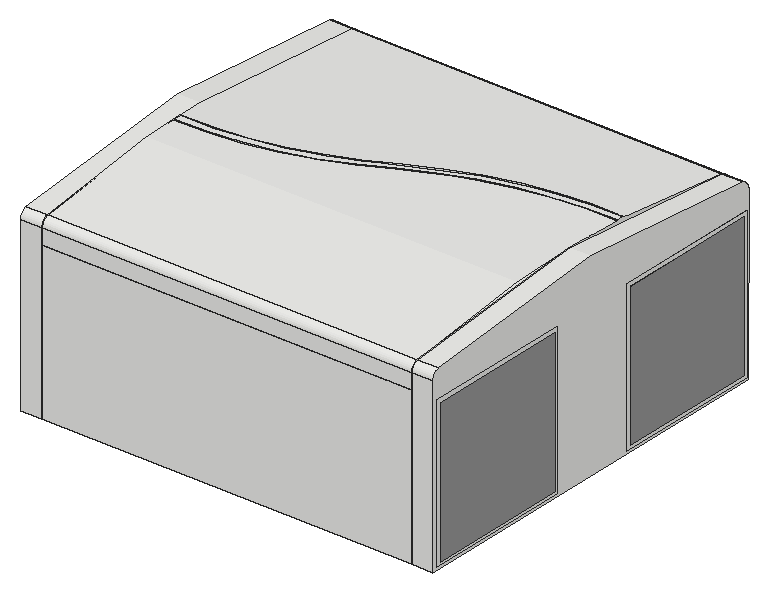
Revit family "OPUS-B", category Mechanical Equipment, Revit 2015
Parameters (values of type "OPUS100-2B")
  Width = 335 mm
  Weight = 6.00 kg
  Voltage = if(Electrical Phase = 3, 400 V, 230 V)  # 230 V
  Unit Description = "Surface Mounted Twin Fan Unit"
  Starting Current = 0.43 A
  Spigot Diameter = 125 mm
  Specific Fan Power at Design Duty [instance] = "0.0"
  Revit Family Last Revised = "30/10/18"  # constant formula
  Quote Reference [instance] = ""
  Project Reference [instance] = ""
  PIR = no
  Order Reference [instance] = ""
  OmniClass Title = "Centrifugal Fans"  # constant formula
  OmniClass Number = "23-33 31 19 13"  # constant formula
  Number of Connection Poles = 1
  Nuaire Model Code = "OPUS100-2B"
  Manufacturer Name = "Nuaire"  # constant formula
  Location Reference [instance] = ""
  IFCExportAs = "IfcFanType"  # constant formula
  I&M Manual = "http://www.nuaire.info/iandm/nl/670967.pdf"
  Height = 320 mm
  Full Load Current = 0.39 A
  External Static Pressure [instance] = 0.0 Pa
  Electrical Phase = 1
  Model Drawn by = "Michael Grote"  # constant formula
  Maximum Ambient Temperature = 40 °C
  Depth = 160 mm
  Classification.Uniclass.Pr.Number = "Pr_65_67_29_89"
  Classification.Uniclass.Pr.Description = "Twin centrifugal fans"
  Catalogue Pages = "http://www.nuaire.info/catalog/nl/SupplyExtract-OpusPlus.pdf"
  Apparent Load = Voltage * Full Load Current  # 89.7 VA
  URL = "http://www.nuaire.co.uk"
  Warranty Period = "3 Years"
  Weatherproof or Internal Only = "Internal"
  Manufacturer = Manufacturer Name  # "Nuaire"
  Description = Unit Description  # "Surface Mounted Twin Fan Unit"
  Air Flow [instance] = 0.000 m³/s
  Address = "Western Industrial Estate, Caerphilly, UK"  # constant formula
  Postcode = "CF83 1NA"  # constant formula
  Telephone Number = "+44(0)2920-858-200"  # constant formula
  Fax Number = "+44(0)2920-858-222"  # constant formula
  Email Address = "info@nuaire.co.uk"  # constant formula
  VAT Registration Number = "877308"  # constant formula
  Model = Nuaire Model Code  # "OPUS100-2B"
  Spigot Radius = Spigot Diameter / 2  # 62.5 mm
Types (6, lengths in mm): name | Unit Description | Starting Current | PIR | Number of Connection Poles | Nuaire Model Code | Full Load Current | Classification.Uniclass.Pr.Number | Classification.Uniclass.Pr.Description | Apparent Load | Description | Model
  OPUS150-BP | "Surface Mounted Fan Unit with Integral PIR" | 0.86 A | yes | 2 | "OPUS150-BP" | 0.78 A | "Pr_65_67_29_12" | "Centrifugal fans" | 179.4 VA | "Surface Mounted Fan Unit with Integral PIR" | "OPUS150-BP"
  OPUS100-BP | "Surface Mounted Fan Unit with Integral PIR" | 0.43 A | yes | 1 | "OPUS100-BP" | 0.39 A | "Pr_65_67_29_12" | "Centrifugal fans" | 89.7 VA | "Surface Mounted Fan Unit with Integral PIR" | "OPUS100-BP"
  OPUS100-B | "Surface Mounted Fan Unit" | 0.43 A | no | 1 | "OPUS100-B" | 0.39 A | "Pr_65_67_29_12" | "Centrifugal fans" | 89.7 VA | "Surface Mounted Fan Unit" | "OPUS100-B"
  OPUS150-B | "Surface Mounted Fan Unit" | 0.86 A | no | 1 | "OPUS150-BP" | 0.78 A | "Pr_65_67_29_12" | "Centrifugal fans" | 179.4 VA | "Surface Mounted Fan Unit" | "OPUS150-BP"
  OPUS100-2B | "Surface Mounted Twin Fan Unit" | 0.43 A | no | 1 | "OPUS100-2B" | 0.39 A | "Pr_65_67_29_89" | "Twin centrifugal fans" | 89.7 VA | "Surface Mounted Twin Fan Unit" | "OPUS100-2B"
  OPUS100-2BP | "Surface Mounted Twin Fan Unit with integral PIR" | 0.43 A | yes | 1 | "OPUS100-2B" | 0.39 A | "Pr_65_67_29_89" | "Twin centrifugal fans" | 89.7 VA | "Surface Mounted Twin Fan Unit with integral PIR" | "OPUS100-2B"
Reference planes
  plane 1 "Center (Front/Back)": y = 0
  plane 2: z = 0
  plane 3 "Center (Left/Right)": x = 0
  plane 4: x = 167.5
  plane 5: x = -167.5
  plane 6: y = 160
  plane 7: y = -160
  plane 8: z = 160
  plane 9: z = 0
  plane 10: z = 124.42
  plane 11: y = 35.58
  plane 12: z = 3
  plane 13: y = 157
  plane 14: z = 121.42
  plane 15: y = 154
  plane 16: y = 38.58
  plane 17: z = 6
Forms (mm)
  Extrusion 1, solid, material "White Plastic"
    sketch origin (0, 0, 0) x (1, 0, 0) y (0, 1, 0)
      loop
        line (150, 160) -> (150, -160) -> (167.5, -160) -> (167.5, 160) -> (150, 160)
    from 0 to 160
  Extrusion 2, void
    sketch origin (0, 0, 0) x (0, 1, 0) y (0, 0, 1)
      loop
        arc (154.254, 146.067) -> (158.375, 143.664) -> (160, 139.18) r 7
        line (160, 139.18) -> (160, 164.18) -> (-160, 164.18) -> (-160, 139.18)
        arc (-160, 139.18) -> (-158.375, 143.664) -> (-154.254, 146.067) r 7
        arc (-154.254, 146.067) -> (0, 160) -> (154.254, 146.067) r 860.833
    from -167.5 to 167.5
  Extrusion 3, solid, material "White Plastic"
    sketch origin (0, 0, 0) x (0, 1, 0) y (0, 0, 1)
      loop
        line (157, 3) -> (157, 124.42) -> (35.58, 124.42) -> (35.58, 3) -> (157, 3)
      loop
        line (154, 121.42) -> (38.58, 121.42) -> (38.58, 6) -> (154, 6) -> (154, 121.42)
    from 167.5 to 168.5
  Extrusion 4, solid, material "White Plastic"
    sketch origin (0, 0, 0) x (0, -1, 0) y (0, 0, -1)
      loop
        line (157, -3) -> (35.58, -3) -> (35.58, -124.42) -> (157, -124.42) -> (157, -3)
      loop
        line (154, -121.42) -> (154, -6) -> (38.58, -6) -> (38.58, -121.42) -> (154, -121.42)
    from 167.5 to 168.5
  Extrusion 5, solid, material "Foam"
    sketch origin (0, 0, 0) x (0, 1, 0) y (0, 0, 1)
      loop
        line (154, 6) -> (154, 121.42) -> (38.58, 121.42) -> (38.58, 6) -> (154, 6)
      loop
        line (-38.58, 121.42) -> (-154, 121.42) -> (-154, 6) -> (-38.58, 6) -> (-38.58, 121.42)
    from 167.5 to 169
  Extrusion 6, solid, material "White Plastic"
    sketch origin (-317.5, 0, 0) x (1, 0, 0) y (0, 1, 0)
      loop
        line (150, 160) -> (150, -160) -> (167.5, -160) -> (167.5, 160) -> (150, 160)
    from 0 to 160
  Extrusion 7, solid, material "White Plastic"
    sketch origin (-300, 0, 0) x (1, 0, 0) y (0, 1, 0)
      loop
        line (150, 160) -> (150, -160) -> (450, -160) -> (450, 160) -> (150, 160)
    from 127.078 to 160
  Extrusion 8, solid, material "White Plastic"
    sketch origin (0, 0, 0) x (0, 1, 0) y (0, 0, -1)
      loop
        line (157, -3) -> (35.58, -3) -> (35.58, -124.42) -> (157, -124.42) -> (157, -3)
      loop
        line (154, -121.42) -> (154, -6) -> (38.58, -6) -> (38.58, -121.42) -> (154, -121.42)
    from 167.5 to 168.5
  Extrusion 9, solid, material "White Plastic"
    sketch origin (0, 0, 0) x (0, -1, 0) y (0, 0, 1)
      loop
        line (157, 3) -> (157, 124.42) -> (35.58, 124.42) -> (35.58, 3) -> (157, 3)
      loop
        line (154, 121.42) -> (38.58, 121.42) -> (38.58, 6) -> (154, 6) -> (154, 121.42)
    from 167.5 to 168.5
  Extrusion 10, solid, material "Foam"
    sketch origin (0, 0, 0) x (0, 1, 0) y (0, 0, -1)
      loop
        line (154, -6) -> (38.58, -6) -> (38.58, -121.42) -> (154, -121.42) -> (154, -6)
      loop
        line (-38.58, -121.42) -> (-38.58, -6) -> (-154, -6) -> (-154, -121.42) -> (-38.58, -121.42)
    from 167.5 to 169
  Extrusion 11, solid, material "White Plastic"
    sketch origin (0, 0, 24.626) x (1, 0, 0) y (0, 1, 0)
      loop
        circle (0, 0) r 62.5
      loop
        circle (0, 0) r 60.5
    from -74.626 to -24.626
  Revolve 12, solid, material "Goosewing Grey Plastic", visible <- "PIR"
    sketch origin (0, 0, 150) x (1, 0, 0) y (0, 1, 0)
      loop
        arc (-115.692, -110.7) -> (-130.692, -125.7) -> (-115.692, -140.7) r 15
        line (-115.692, -140.7) -> (-115.692, -110.7)
      axis (-115.692, -110.7) -> (-115.692, -140.7)
    angle from 0 to 360
  Extrusion 13, void
    sketch origin (0, 0, 0) x (1, 0, 0) y (0, 1, 0)
      loop
        arc (-150, -20) -> (-72.387, -11.781) -> (0, 17.399) r 281.961
        arc (0, 17.399) -> (72.387, 46.58) -> (150, 54.798) r 281.961
        line (150, 54.798) -> (150, 55.896)
        arc (150, 55.896) -> (72.387, 47.677) -> (0, 18.497) r 281.961
        arc (0, 18.497) -> (-72.387, -10.684) -> (-150, -18.902) r 281.961
        line (-150, -18.902) -> (-150, -20)
      loop
        arc (-150, -26.829) -> (-72.387, -18.61) -> (0, 10.57) r 281.961
        arc (0, 10.57) -> (72.387, 39.751) -> (150, 47.969) r 281.961
        line (150, 47.969) -> (150, 49.067)
        arc (150, 49.067) -> (72.387, 40.848) -> (0, 11.668) r 281.961
        arc (0, 11.668) -> (-72.387, -17.513) -> (-150, -25.732) r 281.961
        line (-150, -25.732) -> (-150, -26.829)
    from 156.703 to 164.18
  Extrusion 14, solid, material "White Plastic"
    sketch origin (-300, 0, 0) x (1, 0, 0) y (0, 1, 0)
      loop
        line (150, 160) -> (150, -160) -> (450, -160) -> (450, 160) -> (150, 160)
    from 0 to 127.078
Cuts and joins
  Extrusion 2, Extrusion 13 cuts Extrusion 1
  Extrusion 2, Extrusion 13 cuts Extrusion 7
  Extrusion 2, Extrusion 13 cuts Extrusion 6
  Extrusion 13 cuts Extrusion 11
Dimensions and locks
  equal spacing: plane 5, plane 3 "Center (Left/Right)", plane 4
  "Width": plane 5 to plane 4
  equal spacing: plane 6, plane 1 "Center (Front/Back)", plane 7
  "Height": plane 6 to plane 7
  "Depth": plane 8 to plane 2
  aligned and locked: level to plane 2
Automatic sketch dimensions
  plane 7 to Extrusion 1 sketch curve = 0 mm
  Extrusion 1 sketch curve to plane 6 = 0 mm
  Extrusion 1 sketch curve to plane 4 = 0 mm
  Extrusion 1 sketch curve to Extrusion 1 sketch curve = 17.5 mm
  Extrusion 2 sketch curve to plane 7 = 0 mm
  Extrusion 2 sketch curve to plane 6 = 0 mm
  plane 10 to Extrusion 2 sketch curve = 14.76 mm
  Extrusion 2 sketch curve to plane 1 "Center (Front/Back)" = 0 mm
  Extrusion 2 sketch curve to plane 7 = 5.746 mm
  Extrusion 2 sketch curve to Extrusion 2 sketch curve = 0 mm
  Extrusion 2 sketch curve to Extrusion 2 sketch curve = 1.254 mm
  plane 15 to Extrusion 2 sketch curve = 1 mm
  plane 13 to Extrusion 2 sketch curve = 2.746 mm
  plane 8 to Extrusion 2 sketch curve = 4.18 mm
  Extrusion 3 sketch curve to plane 11 = 0 mm
  Extrusion 3 sketch curve to plane 16 = 0 mm
  Extrusion 3 sketch curve to plane 14 = 0 mm
  Extrusion 3 sketch curve to plane 15 = 0 mm
  Extrusion 3 sketch curve to plane 12 = 0 mm
  Extrusion 3 sketch curve to plane 13 = 0 mm
  Extrusion 3 sketch curve to plane 17 = 0 mm
  Extrusion 3 sketch curve to plane 10 = 0 mm
  Extrusion 4 sketch curve to plane 12 = 0 mm
  Extrusion 4 sketch curve to plane 10 = 0 mm
  Extrusion 4 sketch curve to plane 17 = 0 mm
  Extrusion 4 sketch curve to plane 14 = 0 mm
  Extrusion 4 sketch curve to plane 1 "Center (Front/Back)" = 35.58 mm
  Extrusion 4 sketch curve to Extrusion 4 sketch curve = 3 mm
  plane 7 to Extrusion 4 sketch curve = 6 mm
  plane 7 to Extrusion 4 sketch curve = 3 mm
  Extrusion 5 sketch curve to plane 14 = 0 mm  (x2)
  Extrusion 5 sketch curve to plane 17 = 0 mm  (x2)
  Extrusion 5 sketch curve to plane 16 = 0 mm
  Extrusion 5 sketch curve to plane 15 = 0 mm
  plane 1 "Center (Front/Back)" to Extrusion 5 sketch curve = 38.58 mm
  Extrusion 5 sketch curve to plane 7 = 6 mm
  Extrusion 6 sketch curve to plane 5 = 0 mm
  plane 7 to Extrusion 6 sketch curve = 0 mm
  Extrusion 6 sketch curve to plane 6 = 0 mm
  Extrusion 6 sketch curve to plane 5 = 17.5 mm
  plane 7 to Extrusion 7 sketch curve = 0 mm
  Extrusion 7 sketch curve to plane 6 = 0 mm
  Extrusion 7 sketch curve to plane 5 = 17.5 mm
  Extrusion 7 sketch curve to plane 4 = 17.5 mm
  Extrusion 8 sketch curve to plane 11 = 0 mm
  Extrusion 8 sketch curve to plane 16 = 0 mm
  Extrusion 8 sketch curve to plane 14 = 0 mm
  Extrusion 8 sketch curve to plane 15 = 0 mm
  Extrusion 8 sketch curve to plane 12 = 0 mm
  Extrusion 8 sketch curve to plane 13 = 0 mm
  Extrusion 8 sketch curve to plane 10 = 0 mm
  Extrusion 8 sketch curve to plane 17 = 0 mm
  plane 12 to Extrusion 9 sketch curve = 0 mm
  plane 10 to Extrusion 9 sketch curve = 0 mm
  plane 17 to Extrusion 9 sketch curve = 0 mm
  plane 14 to Extrusion 9 sketch curve = 0 mm
  plane 1 "Center (Front/Back)" to Extrusion 9 sketch curve = 35.58 mm
  Extrusion 9 sketch curve to Extrusion 9 sketch curve = 3 mm
  Extrusion 9 sketch curve to plane 7 = 6 mm
  Extrusion 9 sketch curve to plane 7 = 3 mm
  plane 14 to Extrusion 10 sketch curve = 0 mm
  plane 17 to Extrusion 10 sketch curve = 0 mm
  Extrusion 10 sketch curve to plane 16 = 0 mm
  Extrusion 10 sketch curve to plane 14 = 0 mm
  Extrusion 10 sketch curve to plane 15 = 0 mm
  Extrusion 10 sketch curve to plane 17 = 0 mm
  plane 1 "Center (Front/Back)" to Extrusion 10 sketch curve = 38.58 mm
  Extrusion 10 sketch curve to plane 7 = 6 mm
  Extrusion 11 sketch curve to Extrusion 11 sketch curve = 0 mm  (x2)
  plane 1 "Center (Front/Back)" to Extrusion 11 sketch curve = 0 mm
  Extrusion 11 sketch curve to plane 3 "Center (Left/Right)" = 0 mm
  Revolve 12 sketch curve to plane 5 = 51.808 mm
  Revolve 12 sketch curve to plane 7 = 19.3 mm
  Revolve 12 sketch curve to Revolve 12 sketch curve = 0 mm  (x3)
  Revolve 12 sketch curve to Revolve 12 sketch curve = 30 mm
  Extrusion 13 sketch curve to plane 5 = 17.5 mm
  plane 1 "Center (Front/Back)" to Extrusion 13 sketch curve = 26.829 mm
  Extrusion 13 sketch curve to plane 3 "Center (Left/Right)" = 0 mm  (x8)
  Extrusion 13 sketch curve to Extrusion 13 sketch curve = 0 mm  (x8)
  Extrusion 13 sketch curve to plane 4 = 17.5 mm
  Extrusion 13 sketch curve to plane 5 = 26.901 mm
  Extrusion 13 sketch curve to plane 4 = 26.901 mm
  Extrusion 13 sketch curve to Extrusion 13 sketch curve = 1.098 mm  (x4)
  Extrusion 13 sketch curve to Extrusion 13 sketch curve = 5.732 mm  (x2)
  Extrusion 13 sketch curve to plane 1 "Center (Front/Back)" = 47.969 mm
  plane 7 to Extrusion 14 sketch curve = 0 mm
  Extrusion 14 sketch curve to plane 6 = 0 mm
  Extrusion 14 sketch curve to plane 5 = 17.5 mm
  Extrusion 14 sketch curve to plane 4 = 17.5 mm
  radius of Extrusion 11 sketch curve = 62.5 mm
  radius of Extrusion 11 sketch curve = 60.5 mm
Nested families
  nested 1: "label_nuaire_logo" at (90, -128.857, 150.301) x (1, 0, 0) z (0, -0.1497, 0.9887), type "label_nuaire_logo"
    with Scale Factor 175.629 mm, Actual Scale 61.47 mm
Connectors
  hvac at (0, 0, -50), driven by "Spigot Radius", driven by "Air Flow"
    settings: on Extrusion 11, index 1, duct flow 0.000 m³/s, flow factor 0, pres drop 0.0 Pa, loss coef 0, conn angle 0.00°, conn width 304.8 mm, conn height 304.8 mm, conn diameter 125 mm, duct sys type 3, conn prof type 0, flow config 1, flow direction 2, loss method 0, conn ref index -1, conn util no, is conn primary yes, conn desc "Discharge to Atmosphere"
  electrical at (0, 160, 63.539), driven by "Voltage", driven by "Apparent Load", driven by "Number of Connection Poles"
    settings: on Extrusion 14, index 2, voltage 230 V, apparent load 89.7 VA, apparent load phase1 0 VA, apparent load phase2 0 VA, apparent load phase3 0 VA, power factor 1, load classification "Other", number of poles 1, system type 30, power factor state 1, is connector primary yes, connector utility no, sub classification motor no, connector description "Power Supply"
Definition of nested family "label_nuaire_logo"
  Parameters
    Scale Factor [instance] = Scale * 452  # 452 mm
    Scale = 1 mm
    Actual Scale [instance] = Scale Factor * 0.35  # 158.2 mm
  Reference planes
    plane 1 "Center (Front/Back)": y = 0
    plane 2: z = 0
    plane 3 "Center (Left/Right)": x = 0
  Lines and regions (mm)
    reference lines
      curve 1: line (79.1, -32.13, 0) -> (79.1, 30, 0)
      curve 2: line (-79.1, -32.13, 0) -> (-79.1, 30, 0)
  Dimensions and locks
    equal spacing: curve 2, plane 3 "Center (Left/Right)", curve 1
    "Actual Scale": curve 2 to curve 1
    aligned and locked: level to plane 2
  Automatic sketch dimensions
    plane 1 "Center (Front/Back)" to curve 2 = 32.13 mm
    plane 1 "Center (Front/Back)" to curve 1 = 32.13 mm
    curve 2 to plane 1 "Center (Front/Back)" = 30 mm
    curve 1 to plane 1 "Center (Front/Back)" = 30 mm
  Nested families
    nested 1: "logo_stage2" at (10, 0, 0), type "logo_stage2"
  Definition of nested family "logo_stage2"
    Parameters
      Height = 452 mm
    Reference planes
      plane 1 "Center (Front/Back)": y = 0
      plane 2: z = 0
      plane 3 "Center (Left/Right)": x = 0
    Dimensions and locks
      aligned and locked: level to plane 2
    Nested families
      nested 1: "logo_stage1" at (0, 0, 0), type "logo_stage1"
    Definition of nested family "logo_stage1"
      Parameters
        Height = 1300 mm
      Reference planes
        plane 1 "Center (Front/Back)": y = 0
        plane 2: z = 0
        plane 3 "Center (Left/Right)": x = 0
      Lines and regions (mm)
        model lines
          curve 1: arc (7.927, 29.489, 0) -> (-47.363, 58.16, 0) -> (-106.604, 77.382, 0) r 378.77
          curve 2: arc (-106.604, 77.382, 0) -> (-163.216, 86.224, 0) -> (-220.277, 81.007, 0) r 233.393
          curve 3: arc (-246.965, 20.991, 0) -> (-215.043, -15.792, 0) -> (-174.42, -42.657, 0) r 179.785
          curve 4: arc (-174.42, -42.657, 0) -> (-107.072, -70.342, 0) -> (-36.955, -89.99, 0) r 623.693
          curve 5: arc (-36.955, -89.99, 0) -> (-105.996, -69.023, 0) -> (-170.812, -37.319, 0) r 451.207
          curve 6: arc (-170.812, -37.319, 0) -> (-200.304, -16.562, 0) -> (-226.197, 8.542, 0) r 230.474
          curve 7: arc (-206.815, 72.232, 0) -> (-163.659, 78.527, 0) -> (-120.226, 74.571, 0) r 185.468
          curve 8: arc (-120.226, 74.571, 0) -> (-54.126, 57.782, 0) -> (7.927, 29.489, 0) r 381.393
          curve 9: line (-161.219, -24.259, 0) -> (-141.514, -24.259, 0)
          curve 10: line (-141.514, -24.259, 0) -> (-136.798, 0, 0)
          curve 11: arc (-136.798, 0, 0) -> (-133.437, 8.115, 0) -> (-125.322, 11.477, 0) r 11.477
          curve 12: arc (-125.322, 11.477, 0) -> (-118.479, 7.762, 0) -> (-117.869, 0, 0) r 8.158
          curve 13: line (-117.869, 0, 0) -> (-122.146, -24.259, 0)
          curve 14: line (-122.146, -24.259, 0) -> (-102.441, -24.259, 0)
          curve 15: line (-102.441, -24.259, 0) -> (-97.309, 4.849, 0)
          curve 16: arc (-97.309, 4.849, 0) -> (-99.379, 18.095, 0) -> (-110.885, 24.977, 0) r 15.794
          curve 17: arc (-110.885, 24.977, 0) -> (-122.995, 23.787, 0) -> (-133.701, 18.002, 0) r 30.821
          curve 18: line (-133.701, 18.002, 0) -> (-132.598, 24.255, 0)
          curve 19: line (-161.219, -24.259, 0) -> (-152.664, 24.255, 0)
          curve 20: line (-152.664, 24.255, 0) -> (-132.598, 24.255, 0)
          curve 21: line (-80.79, 24.255, 0) -> (-86.175, -3.448, 0)
          curve 22: arc (-86.175, -3.448, 0) -> (-83.467, -16.761, 0) -> (-72.138, -24.259, 0) r 17.751
          curve 23: arc (-72.138, -24.259, 0) -> (-59.938, -25.434, 0) -> (-47.739, -24.259, 0) r 63.934
          curve 24: arc (-47.739, -24.259, 0) -> (-34.611, -17.57, 0) -> (-27.023, -4.941, 0) r 26.727
          curve 25: line (-27.023, -4.941, 0) -> (-21.348, 24.255, 0)
          curve 26: line (-21.348, 24.255, 0) -> (-41.053, 24.255, 0)
          curve 27: line (-41.053, 24.255, 0) -> (-46.093, -1.676, 0)
          curve 28: arc (-46.093, -1.676, 0) -> (-50.186, -8.91, 0) -> (-57.808, -12.224, 0) r 13.097
          curve 29: arc (-57.808, -12.224, 0) -> (-64.693, -9.158, 0) -> (-65.742, -1.695, 0) r 7.773
          curve 30: line (-65.742, -1.695, 0) -> (-61.166, 24.255, 0)
          curve 31: line (-61.166, 24.255, 0) -> (-80.79, 24.255, 0)
          curve 32: arc (31.54, 19.236, 0) -> (16.208, 25.528, 0) -> (0, 22.075, 0) r 28.07
          curve 33: arc (0, 22.075, 0) -> (-10.88, 12.774, 0) -> (-17.338, 0, 0) r 36.434
          curve 34: arc (-17.338, 0, 0) -> (-15.613, -14.796, 0) -> (-4.047, -24.183, 0) r 19.761
          curve 35: arc (-4.047, -24.183, 0) -> (10.741, -24.948, 0) -> (24.166, -18.699, 0) r 30.688
          curve 36: line (24.166, -18.699, 0) -> (23.117, -24.098, 0)
          curve 37: line (23.117, -24.098, 0) -> (43.271, -24.098, 0)
          curve 38: line (43.271, -24.098, 0) -> (51.797, 24.255, 0)
          curve 39: line (51.797, 24.255, 0) -> (32.515, 24.255, 0)
          curve 40: line (32.515, 24.255, 0) -> (31.54, 19.236, 0)
          curve 41: arc (27.176, -3.213, 0) -> (27.314, 5.536, 0) -> (19.984, 10.314, 0) r 9.053
          curve 42: arc (19.984, 10.314, 0) -> (10.965, 8.578, 0) -> (4.044, 2.54, 0) r 17.627
          curve 43: arc (4.044, 2.54, 0) -> (3.437, -5.353, 0) -> (9.873, -9.961, 0) r 8.063
          curve 44: arc (9.873, -9.961, 0) -> (19.716, -9.642, 0) -> (27.176, -3.213, 0) r 14.789
          curve 45: line (64.987, 24.255, 0) -> (85.001, 24.255, 0)
          curve 46: line (85.001, 24.255, 0) -> (76.475, -24.098, 0)
          curve 47: line (76.475, -24.098, 0) -> (56.461, -24.098, 0)
          curve 48: line (56.461, -24.098, 0) -> (64.987, 24.255, 0)
          curve 49: line (97.733, 24.255, 0) -> (117.438, 24.255, 0)
          curve 50: line (117.438, 24.255, 0) -> (116.079, 16.546, 0)
          curve 51: arc (116.079, 16.546, 0) -> (127.306, 23.283, 0) -> (140.3, 24.886, 0) r 31.571
          curve 52: line (140.3, 24.886, 0) -> (137.316, 7.965, 0)
          curve 53: arc (137.316, 7.965, 0) -> (129.144, 9.507, 0) -> (120.972, 7.965, 0) r 22.429
          curve 54: arc (120.972, 7.965, 0) -> (114.704, 2.976, 0) -> (112.337, -4.677, 0) r 13.585
          curve 55: line (112.337, -4.677, 0) -> (108.912, -24.098, 0)
          curve 56: line (108.912, -24.098, 0) -> (89.207, -24.098, 0)
          curve 57: line (89.207, -24.098, 0) -> (97.733, 24.255, 0)
          curve 58: arc (93.618, 47.57, 0) -> (74.854, 53.038, 0) -> (55.359, 51.64, 0) r 55.33
          curve 59: arc (93.618, 47.57, 0) -> (97.282, 41.659, 0) -> (93.618, 35.747, 0) r 6.601
          curve 60: arc (93.618, 35.747, 0) -> (84.065, 32.23, 0) -> (73.978, 30.85, 0) r 47.065
          curve 61: arc (73.978, 30.85, 0) -> (80.846, 32.41, 0) -> (86.601, 36.47, 0) r 18.116
          curve 62: arc (86.601, 36.47, 0) -> (88.036, 41.905, 0) -> (84.218, 46.03, 0) r 5.836
          curve 63: arc (84.218, 46.03, 0) -> (70.224, 51.08, 0) -> (55.359, 51.64, 0) r 48.391
          curve 64: line (157.905, -2.864, 0) -> (199.286, -2.864, 0)
          curve 65: arc (199.286, -2.864, 0) -> (197.145, 14.652, 0) -> (182.34, 24.255, 0) r 20.852
          curve 66: arc (182.34, 24.255, 0) -> (165.366, 23.801, 0) -> (149.457, 17.863, 0) r 51.614
          curve 67: arc (149.457, 17.863, 0) -> (140.348, 5.451, 0) -> (139.348, -9.912, 0) r 27.469
          curve 68: arc (139.348, -9.912, 0) -> (144.958, -19.523, 0) -> (155.103, -24.098, 0) r 18.276
          curve 69: arc (155.103, -24.098, 0) -> (178.591, -23.478, 0) -> (196.981, -8.856, 0) r 37.046
          curve 70: line (196.981, -8.856, 0) -> (178.291, -8.856, 0)
          curve 71: arc (178.291, -8.856, 0) -> (168.439, -13.819, 0) -> (158.586, -8.856, 0) r 12.261
          curve 72: arc (158.586, -8.856, 0) -> (157.442, -5.951, 0) -> (157.905, -2.864, 0) r 6.023
          curve 73: line (199.286, -2.864, 0) -> (157.905, -2.864, 0)
          curve 74: line (159.772, 7.114, 0) -> (183.418, 7.114, 0)
          curve 75: arc (183.418, 7.114, 0) -> (171.595, 14.487, 0) -> (159.772, 7.114, 0) r 13.165
          curve 76: arc (-206.815, 72.232, 0) -> (-234.166, 45.761, 0) -> (-226.197, 8.542, 0) r 39.242
          curve 77: arc (-220.277, 81.007, 0) -> (-248.829, 57.762, 0) -> (-246.965, 20.991, 0) r 40.723
      Dimensions and locks
        aligned and locked: level to plane 2
